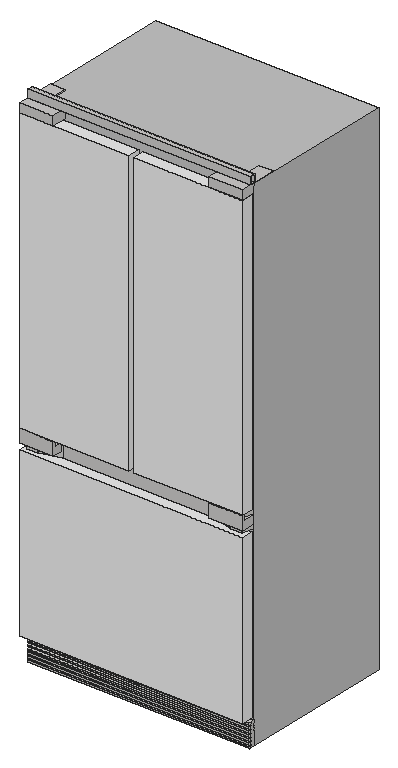
Revit family "FP_Revit_18_RS32A72J1_Fridge_90001163A", category Specialty Equipment, Revit 2018
Family settings
  Round Connector Dimension = Use Diameter
  Part Type = Normal
  OmniClass Number = 23.40.40.11.11.17
  OmniClass Title = Refrigerator-Freezer
  Work Plane-Based = No
  Always vertical = Yes
  Cut with Voids When Loaded = Yes
  Shared = No
  Room Calculation Point = No
Parameters
  Visibility - Visibility Control Note = yes
  Visibility - Clearance Required = yes
  URL = "www.fisherpaykel.com"
  Stainless Steel Door Panels (RD3272A) = no
  Product - Width = 805 mm  # constant formula
  Product - Height = 1825 mm  # constant formula
  Product - Depth = 604 mm  # constant formula
  Model = "RS32A72J1"
  Material - Trim = Fisher & Paykel - Stainless Steel
  Material - Rollers and Feet = Fisher & Paykel - Black
  Material - Door Structure = Fisher & Paykel - White
  Material - Door Front = Fisher & Paykel - Stainless Steel
  Material - Connections = Fisher & Paykel - Black
  Material - Body = Fisher & Paykel - Grey
  Manufacturer = "Fisher & Paykel Appliances"
  Handle Style - Professional Square (AHV2RS3272A) = no
  Handle Style - Professional Round (AHCRS3272A) = no
  Handle Style - Contemporary Square (AHD3RS3272A) = no
  Handle Style - Contemporary Round (AHSRS3272A) = no
  Description = "32\" Integrated French Door Refrigerator Freezer"
  Connector Description - Electrical = "120 V, 10 A, fused electrical supply"
  Chassis - Width = 790 mm  # constant formula
  Chassis - Height = 1788 mm  # constant formula
  Chassis - Depth = 561.4 mm  # constant formula
  Cavity - Width = 813 mm  # constant formula
  Cavity - Height = 1829 mm  # constant formula
  Cavity - Depth = 635 mm  # constant formula
Reference planes
  plane 1 "Center (Front/Back)": y = 0
  plane 2: z = 0
  plane 3 "Center (Left/Right)": x = 0
  plane 4 "Product LHS": x = -402.5
  plane 5 "Product RHS": x = 402.5
  plane 6 "Cavity - Depth": y = 635
  plane 7 "Cavity LHS": x = -406.5
  plane 8 "Cavity RHS": x = 406.5
  plane 9 "Product - Depth": y = 622
  plane 10 "Product Height": z = 1825
  plane 11 "Cavity Height": z = 1829
  plane 12 "Datum": y = 18
Forms (mm)
  Extrusion 1, solid, material "Fisher & Paykel - Grey" <- "Material - Body"
    sketch origin (0, 0, 0) x (0, 1, 0) y (0, 0, 1)
      loop
        line (68.89, 6.6) -> (622, 6.6) -> (622, 1794.6) -> (68.89, 1794.6) -> (68.89, 6.6)
    from -395 to 395
  Extrusion 2, solid, material "Fisher & Paykel - Clearance Required", visible <- "Visibility - Clearance Required", detail levels coarse
    sketch origin (0, 0, 0) x (1, 0, 0) y (0, 1, 0)
      loop
        line (-391.179, 0) -> (-526.6, -290.41) -> (-562.852, -273.506) -> (-569.457, -287.67) -> (-533.205, -304.575) -> (-555.656, -352.723)
        arc (-555.656, -352.723) -> (-182.069, -328.236) -> (-1.993, 0) r 389.186
        line (-1.993, 0) -> (-391.179, 0)
      loop
        line (391.179, 0) -> (1.993, 0)
        arc (1.993, 0) -> (182.069, -328.236) -> (555.656, -352.723) r 389.186
        line (555.656, -352.723) -> (533.205, -304.575) -> (569.457, -287.67) -> (562.852, -273.506) -> (526.6, -290.41) -> (391.179, 0)
    from 700.43 to 1825
  Extrusion 3, solid, material "Fisher & Paykel - Black" <- "Material - Rollers and Feet"
    sketch origin (0, 0, -4) x (0, 1, 0) y (0, 0, 1)
      loop
        arc (120.09, 10.6) -> (136.133, 4) -> (152.177, 10.6) r 22.8
        line (152.177, 10.6) -> (120.09, 10.6)
      loop
        arc (555.39, 10.6) -> (571.433, 4) -> (587.477, 10.6) r 22.8
        line (587.477, 10.6) -> (555.39, 10.6)
    from 352 to 379
  Extrusion 4, solid, material "Fisher & Paykel - Clearance Required", visible <- "Visibility - Clearance Required", detail levels coarse
    sketch origin (0, 0, 0) x (0, 1, 0) y (0, 0, 1)
      loop
        line (-0.043, 695.956) -> (-359.921, 695.956) -> (-359.921, 631.801) -> (-401.921, 631.801) -> (-401.921, 615.801) -> (-359.921, 615.801) -> (-359.921, 100.03) -> (-0.043, 100.03) -> (-0.043, 695.956)
    from -406.5 to 406.5
  Extrusion 5, solid, material "Fisher & Paykel - White" <- "Material - Door Structure"
    sketch origin (0, 0, 0) x (1, 0, 0) y (0, 0, 1)
      loop
        line (-7.74, 1764.6) -> (-395, 1764.6) -> (-395, 763.6) -> (-7.74, 763.6) -> (-7.74, 1764.6)
      loop
        line (7.74, 1764.6) -> (7.74, 763.6) -> (395, 763.6) -> (395, 1764.6) -> (7.74, 1764.6)
      loop
        line (-395, 693.1) -> (-395, 101.1) -> (395, 101.1) -> (395, 693.1) -> (-395, 693.1)
    from -60.6 to -18
  Extrusion 6, solid, material "Fisher & Paykel - White" <- "Material - Door Structure"
    sketch origin (0, 0, 0) x (1, 0, 0) y (0, 0, 1)
      loop
        line (-384.1, 685.2) -> (-384.1, 109) -> (384.1, 109) -> (384.1, 685.2) -> (-384.1, 685.2)
      loop
        line (-13.88, 776) -> (-13.88, 1749.7) -> (-384.08, 1749.7) -> (-384.08, 776) -> (-13.88, 776)
      loop
        line (13.88, 776) -> (384.08, 776) -> (384.08, 1749.7) -> (13.88, 1749.7) -> (13.88, 776)
    from -68.89 to -60.552
  Extrusion 7, solid, material "Fisher & Paykel - Stainless Steel" <- "Material - Trim"
    sketch origin (0, -2, 0) x (1, 0, 0) y (0, 1, 0)
      loop
        line (-391, 70.89) -> (-384.282, 36.328)
        arc (-384.282, 36.328) -> (-383.245, 34.585) -> (-381.337, 33.9) r 3
        line (-381.337, 33.9) -> (-343.233, 33.9)
        arc (-343.233, 33.9) -> (-341.238, 34.034) -> (-339.279, 34.431) r 15
        line (-339.279, 34.431) -> (-269.532, 53.491) -> (269.532, 53.491) -> (339.279, 34.431)
        arc (339.279, 34.431) -> (341.238, 34.034) -> (343.233, 33.9) r 15
        line (343.233, 33.9) -> (381.337, 33.9)
        arc (381.337, 33.9) -> (383.245, 34.585) -> (384.282, 36.328) r 3
        line (384.282, 36.328) -> (391, 70.89) -> (-391, 70.89)
    from 696.967 to 759.03
  Extrusion 8, solid, material "Fisher & Paykel - Stainless Steel" <- "Material - Trim"
    sketch origin (0, -2, 0) x (0, 1, 0) y (0, 0, 1)
      loop
        line (20, 762.6) -> (20, 715.3) -> (70.89, 715.3) -> (70.89, 743.6) -> (25, 743.6) -> (25, 762.6) -> (20, 762.6)
    from 276.67 to 395
  Extrusion 9, solid, material "Fisher & Paykel - Stainless Steel" <- "Material - Trim"
    sketch origin (0, -2, 0) x (0, 1, 0) y (0, 0, -1)
      loop
        line (20, -762.6) -> (25, -762.6) -> (25, -743.6) -> (70.89, -743.6) -> (70.89, -715.3) -> (20, -715.3) -> (20, -762.6)
    from 276.67 to 395
  Extrusion 10, solid, material "Fisher & Paykel - Stainless Steel" <- "Material - Trim"
    sketch origin (0, 0, 0) x (1, 0, 0) y (0, 1, 0)
      loop
        line (-276.67, 18) -> (-276.67, 68.89) -> (-395, 68.89) -> (-395, 18) -> (-276.67, 18)
      loop
        line (395, 18) -> (395, 68.89) -> (276.67, 68.89) -> (276.67, 18) -> (395, 18)
    from 1765.6 to 1797.6
  Extrusion 11, solid, material "Fisher & Paykel - Stainless Steel" <- "Material - Trim", detail levels fine
    sketch origin (0, 0, 0) x (1, 0, 0) y (0, 1, 0)
      loop
        line (-395, 154.61) -> (-395, 73.11) -> (-260.95, 73.11) -> (-260.95, 88.11) -> (-343.5, 88.11) -> (-343.5, 154.61) -> (-395, 154.61)
      loop
        line (395, 154.61) -> (344.35, 154.61) -> (344.35, 88.11) -> (260.95, 88.11) -> (260.95, 73.11) -> (395, 73.11) -> (395, 154.61)
    from 1794.6 to 1797.6
  Extrusion 12, solid, material "Fisher & Paykel - Stainless Steel" <- "Material - Trim"
    sketch origin (0, -2, 0) x (0, 1, 0) y (0, 0, 1)
      loop
        line (55.1, 1825) -> (55.1, 1797.6) -> (75.11, 1797.6) -> (75.11, 1825) -> (55.1, 1825)
      loop
        line (56.1, 1824) -> (56.1, 1798.675) -> (74.1, 1798.675) -> (74.1, 1824) -> (56.1, 1824)
    from -395 to 395
  Extrusion 13, solid, material "Fisher & Paykel - Black" <- "Material - Rollers and Feet", detail levels fine
    sketch origin (0, 0, -4) x (0, 1, 0) y (0, 0, -1)
      loop
        line (120.09, -10.6) -> (152.177, -10.6)
        arc (152.177, -10.6) -> (136.133, -4) -> (120.09, -10.6) r 22.8
      loop
        line (555.39, -10.6) -> (587.477, -10.6)
        arc (587.477, -10.6) -> (571.433, -4) -> (555.39, -10.6) r 22.8
    from 352 to 379
  Extrusion 14, solid, material "Fisher & Paykel - Stainless Steel" <- "Material - Trim", detail levels fine
    sketch origin (0, -2, 0) x (0, 1, 0) y (0, 0, 1)
      loop
        line (24.91, 101.1) -> (24.91, 94.1) -> (50.15, 94.1) -> (50.15, 101.1) -> (24.91, 101.1)
    from -20.67 to 20.7
  Extrusion 15, solid, material "Fisher & Paykel - Stainless Steel" <- "Material - Trim", detail levels fine
    sketch origin (0, -2, 0) x (0, 1, 0) y (0, 0, 1)
      loop
        line (70.89, 90.613) -> (53.491, 85.951) -> (53.491, 81.639) -> (61.43, 81.639) -> (61.43, 75.465) -> (53.491, 73.338) -> (53.491, 69.031) -> (61.43, 69.031) -> (61.43, 62.857) -> (53.491, 60.73) -> (53.491, 56.423) -> (61.43, 56.423) -> (61.43, 50.254) -> (53.491, 48.127) -> (53.491, 43.821) -> (61.43, 43.821) -> (61.43, 37.652) -> (53.491, 35.525) -> (53.491, 31.218) -> (61.43, 31.218) -> (61.43, 25.049) -> (53.491, 22.922) -> (53.491, 18.585) -> (61.43, 18.585) -> (61.43, 12.447) -> (53.491, 10.32) -> (53.491, 6.6) -> (70.89, 6.6) -> (70.89, 90.613)
    from -395 to 395
  Extrusion 16, solid, material "Fisher & Paykel - Stainless Steel" <- "Material - Trim", detail levels coarse+medium
    sketch origin (0, -2, 0) x (0, 1, 0) y (0, 0, 1)
      loop
        line (70.89, 90.613) -> (53.491, 85.951) -> (53.491, 6.6) -> (70.89, 6.6) -> (70.89, 90.613)
    from -395 to 395
  Extrusion 17, void
    sketch origin (0, -2000, 0) x (1, 0, 0) y (0, 1, 0)
      loop
        line (-336, 2622) -> (-336, 2068.89) -> (336, 2068.89) -> (336, 2622) -> (-336, 2622)
    from 6.6 to 56.423
  Extrusion 18, solid, material "Fisher & Paykel - Stainless Steel" <- "Material - Door Front", visible <- "Stainless Steel Door Panels (RD3272A)"
    sketch origin (0, 0, 0) x (1, 0, 0) y (0, 0, 1)
      loop
        line (-402.5, 696.43) -> (-402.5, 100.03) -> (402.5, 100.03) -> (402.5, 696.43) -> (-402.5, 696.43)
      loop
        line (-402.5, 700.43) -> (-2, 700.43) -> (-2, 1822.4) -> (-402.5, 1822.4) -> (-402.5, 700.43)
      loop
        line (2, 1822.4) -> (2, 700.43) -> (402.5, 700.43) -> (402.5, 1822.4) -> (2, 1822.4)
    from -18 to 0.043
  Extrusion 19, void
    sketch origin (0, -2, 0) x (1, 0, 0) y (0, 1, 0)
      loop
        arc (395, 57.948) -> (393.695, 54.796) -> (390.543, 53.491) r 4.457
        line (390.543, 53.491) -> (395, 53.491) -> (395, 57.948)
      loop
        line (-402.5, 59.557) -> (-402.5, 55.1) -> (-398.043, 55.1)
        arc (-398.043, 55.1) -> (-401.195, 56.405) -> (-402.5, 59.557) r 4.457
    from 6.6 to 100.03
  Extrusion 20, solid, material "Fisher & Paykel - Clearance Required", visible <- "Visibility - Clearance Required", detail levels coarse
    sketch origin (0, 0, 0) x (1, 0, 0) y (0, 1, 0)
      loop
        line (-406.5, 635) -> (-406.5, 0) -> (406.5, 0) -> (406.5, 635) -> (-406.5, 635)
    from 0 to 1829
  Extrusion 21, void
    sketch origin (0, 0, 0) x (1, 0, 0) y (0, 0, 1)
      loop
        line (257.5, 69.031) -> (257.5, 200) -> (-17.5, 200) -> (-17.5, 69.031) -> (257.5, 69.031)
      loop
        circle (207.5, 135) r 3
      loop
        circle (32.5, 135) r 3
    from -622 to -619.953
  Extrusion 22, void
    sketch origin (0, 0, 0) x (1, 0, 0) y (0, 1, 0)
      loop
        line (-406.5, 635) -> (-406.5, 0) -> (406.5, 0) -> (406.5, 635) -> (-406.5, 635)
    from 0 to 1829
Cuts and joins
  Extrusion 17, Extrusion 21 cuts Extrusion 1
  Extrusion 19 cuts Extrusion 15
  Extrusion 19 cuts Extrusion 16
  joined: Extrusion 7, Extrusion 8, Extrusion 9
Text (mm)
  text "Due to ongoing product development, product details are subject to change without notice. \nPlease always refer to www.fisherpaykel.com for the most current product information. \n© Fisher & Paykel 2020" at (41.04, -527.568, 0), in view "Ref. Level (Plan)"
Dimensions and locks
  equal spacing: plane 4 "Product LHS", plane 3 "Center (Left/Right)", plane 5 "Product RHS"
  "Product - Width": plane 4 "Product LHS" to plane 5 "Product RHS"
  "Cavity - Depth": plane 1 "Center (Front/Back)" to plane 6 "Cavity - Depth"
  equal spacing: plane 7 "Cavity LHS", plane 3 "Center (Left/Right)", plane 8 "Cavity RHS"
  "Cavity - Width": plane 7 "Cavity LHS" to plane 8 "Cavity RHS"
  "Product - Height": level to plane 10 "Product Height"
  "Cavity - Height": plane 11 "Cavity Height" to level
  "Chassis - Height": Extrusion 1 to Extrusion 1
  Extrusion 14 to Extrusion 16 = 94.5 mm
  locked: Extrusion 21 to cut or joined group of Extrusion 1, Extrusion 17, Extrusion 21 at 2.047
  locked: plane 1 "Center (Front/Back)" to plane 12 "Datum" at 18
  nested 5 to plane 1 "Center (Front/Back)" = 0 mm
  "Product - Depth": plane 9 "Product - Depth" to plane 12 "Datum"
  equal spacing: cut or joined group of Extrusion 1, Extrusion 17, Extrusion 21, plane 3 "Center (Left/Right)", cut or joined group of Extrusion 1, Extrusion 17, Extrusion 21  (x2)
  "Chassis - Width": cut or joined group of Extrusion 1, Extrusion 17, Extrusion 21 to cut or joined group of Extrusion 1, Extrusion 17, Extrusion 21
  aligned and locked: level to plane 2
  aligned and locked: Extrusion 19 to Extrusion 3
  aligned and locked: cut or joined group of Extrusion 1, Extrusion 17, Extrusion 21 to Extrusion 21
  aligned and locked: Extrusion 20 to level
  aligned and locked: plane 9 "Product - Depth" to Extrusion 1
Automatic sketch dimensions
  plane 10 "Product Height" to Extrusion 12 sketch curve = 0 mm
  Extrusion 12 sketch curve to plane 12 "Datum" = 35.1 mm
  Extrusion 12 sketch curve to Extrusion 12 sketch curve = 1 mm
  plane 10 "Product Height" to Extrusion 12 sketch curve = 1 mm
  Extrusion 12 sketch curve to Extrusion 12 sketch curve = 18 mm
  Extrusion 12 sketch curve to Extrusion 12 sketch curve = 1.01 mm
  Extrusion 12 sketch curve to Extrusion 12 sketch curve = 25.325 mm
  Extrusion 12 sketch curve to Extrusion 12 sketch curve = 1.075 mm
  plane 1 "Center (Front/Back)" to Extrusion 20 sketch curve = 0 mm
  Extrusion 20 sketch curve to plane 7 "Cavity LHS" = 0 mm
  Extrusion 20 sketch curve to plane 8 "Cavity RHS" = 0 mm
  plane 6 "Cavity - Depth" to Extrusion 20 sketch curve = 0 mm
  plane 1 "Center (Front/Back)" to Extrusion 22 sketch curve = 0 mm
  Extrusion 22 sketch curve to plane 7 "Cavity LHS" = 0 mm
  Extrusion 22 sketch curve to plane 8 "Cavity RHS" = 0 mm
  plane 6 "Cavity - Depth" to Extrusion 22 sketch curve = 0 mm
  Extrusion 1 sketch curve to plane 9 "Product - Depth" = 0 mm
  level to Extrusion 1 sketch curve = 6.6 mm
  Extrusion 1 sketch curve to plane 12 "Datum" = 50.89 mm
  plane 10 "Product Height" to Extrusion 1 sketch curve = 30.4 mm
  plane 1 "Center (Front/Back)" to Extrusion 2 sketch curve = 0 mm  (x2)
  plane 7 "Cavity LHS" to Extrusion 2 sketch curve = 162.957 mm
  Extrusion 2 sketch curve to Extrusion 2 sketch curve = 6.605 mm  (x3)
  Extrusion 2 sketch curve to Extrusion 2 sketch curve = 13.801 mm
  Extrusion 2 sketch curve to Extrusion 2 sketch curve = 36.252 mm  (x2)
  Extrusion 2 sketch curve to plane 4 "Product LHS" = 11.321 mm
  Extrusion 2 sketch curve to Extrusion 2 sketch curve = 0 mm  (x2)
  Extrusion 2 sketch curve to plane 3 "Center (Left/Right)" = 1.993 mm
  plane 3 "Center (Left/Right)" to Extrusion 2 sketch curve = 1.993 mm
  plane 5 "Product RHS" to Extrusion 2 sketch curve = 11.321 mm
  Extrusion 2 sketch curve to plane 8 "Cavity RHS" = 120.1 mm
  plane 1 "Center (Front/Back)" to Extrusion 2 sketch curve = 352.723 mm
  plane 1 "Center (Front/Back)" to Extrusion 2 sketch curve = 287.67 mm
  level to Extrusion 3 sketch curve = 6.6 mm  (x2)
  Extrusion 3 sketch curve to plane 12 "Datum" = 102.09 mm
  Extrusion 3 sketch curve to Extrusion 3 sketch curve = 16.044 mm  (x2)
  Extrusion 3 sketch curve to plane 9 "Product - Depth" = 66.61 mm
  level to Extrusion 3 sketch curve = 22.8 mm  (x2)
  plane 1 "Center (Front/Back)" to Extrusion 4 sketch curve = 401.921 mm
  Extrusion 4 sketch curve to Extrusion 4 sketch curve = 42 mm
  level to Extrusion 4 sketch curve = 100.03 mm
  plane 1 "Center (Front/Back)" to Extrusion 4 sketch curve = 359.921 mm
  plane 1 "Center (Front/Back)" to Extrusion 4 sketch curve = 0.043 mm
  Extrusion 4 sketch curve to Extrusion 4 sketch curve = 515.771 mm
  Extrusion 4 sketch curve to Extrusion 4 sketch curve = 16 mm
  Extrusion 4 sketch curve to Extrusion 4 sketch curve = 64.155 mm
  Extrusion 5 sketch curve to plane 4 "Product LHS" = 7.5 mm  (x2)
  Extrusion 5 sketch curve to plane 3 "Center (Left/Right)" = 7.74 mm
  plane 3 "Center (Left/Right)" to Extrusion 5 sketch curve = 7.74 mm
  plane 5 "Product RHS" to Extrusion 5 sketch curve = 7.5 mm  (x2)
  level to Extrusion 5 sketch curve = 101.1 mm
  Extrusion 5 sketch curve to Extrusion 5 sketch curve = 592 mm
  Extrusion 5 sketch curve to Extrusion 5 sketch curve = 70.5 mm
  Extrusion 5 sketch curve to Extrusion 5 sketch curve = 0 mm
  plane 10 "Product Height" to Extrusion 5 sketch curve = 60.4 mm  (x2)
  Extrusion 6 sketch curve to plane 4 "Product LHS" = 18.4 mm
  Extrusion 6 sketch curve to plane 4 "Product LHS" = 18.42 mm
  Extrusion 6 sketch curve to plane 3 "Center (Left/Right)" = 13.88 mm
  plane 3 "Center (Left/Right)" to Extrusion 6 sketch curve = 13.88 mm
  plane 5 "Product RHS" to Extrusion 6 sketch curve = 18.42 mm
  plane 5 "Product RHS" to Extrusion 6 sketch curve = 18.4 mm
  level to Extrusion 6 sketch curve = 109 mm
  Extrusion 6 sketch curve to Extrusion 6 sketch curve = 576.2 mm
  Extrusion 6 sketch curve to Extrusion 6 sketch curve = 90.8 mm
  Extrusion 6 sketch curve to Extrusion 6 sketch curve = 0 mm  (x2)
  plane 10 "Product Height" to Extrusion 6 sketch curve = 75.3 mm
  Extrusion 7 sketch curve to plane 4 "Product LHS" = 11.5 mm
  Extrusion 7 sketch curve to plane 4 "Product LHS" = 18.218 mm
  Extrusion 7 sketch curve to Extrusion 7 sketch curve = 2.945 mm  (x2)
  Extrusion 7 sketch curve to plane 12 "Datum" = 13.9 mm
  Extrusion 7 sketch curve to Extrusion 7 sketch curve = 38.104 mm
  Extrusion 7 sketch curve to plane 12 "Datum" = 14.431 mm  (x2)
  Extrusion 7 sketch curve to Extrusion 7 sketch curve = 3.954 mm  (x2)
  Extrusion 7 sketch curve to plane 12 "Datum" = 33.491 mm
  Extrusion 7 sketch curve to Extrusion 7 sketch curve = 69.747 mm
  plane 5 "Product RHS" to Extrusion 7 sketch curve = 132.968 mm
  plane 5 "Product RHS" to Extrusion 7 sketch curve = 63.221 mm
  plane 5 "Product RHS" to Extrusion 7 sketch curve = 21.163 mm
  plane 5 "Product RHS" to Extrusion 7 sketch curve = 11.5 mm
  Extrusion 7 sketch curve to plane 1 "Center (Front/Back)" = 31.9 mm
  Extrusion 7 sketch curve to Extrusion 7 sketch curve = 2.428 mm  (x2)
  Extrusion 7 sketch curve to Extrusion 7 sketch curve = 34.562 mm
  Extrusion 8 sketch curve to plane 12 "Datum" = 0 mm
  Extrusion 8 sketch curve to Extrusion 8 sketch curve = 5 mm
  Extrusion 8 sketch curve to Extrusion 8 sketch curve = 50.89 mm
  level to Extrusion 8 sketch curve = 715.3 mm
  Extrusion 8 sketch curve to Extrusion 8 sketch curve = 28.3 mm
  Extrusion 8 sketch curve to Extrusion 8 sketch curve = 19 mm
  Extrusion 9 sketch curve to plane 12 "Datum" = 0 mm
  Extrusion 9 sketch curve to Extrusion 9 sketch curve = 5 mm
  Extrusion 9 sketch curve to Extrusion 9 sketch curve = 50.89 mm
  level to Extrusion 9 sketch curve = 762.6 mm
  Extrusion 9 sketch curve to Extrusion 9 sketch curve = 19 mm
  Extrusion 9 sketch curve to Extrusion 9 sketch curve = 28.3 mm
  Extrusion 10 sketch curve to plane 4 "Product LHS" = 7.5 mm
  plane 12 "Datum" to Extrusion 10 sketch curve = 0 mm  (x2)
  Extrusion 10 sketch curve to plane 12 "Datum" = 50.89 mm  (x2)
  Extrusion 10 sketch curve to plane 4 "Product LHS" = 125.83 mm
  plane 5 "Product RHS" to Extrusion 10 sketch curve = 125.83 mm
  plane 5 "Product RHS" to Extrusion 10 sketch curve = 7.5 mm
  level to Extrusion 13 sketch curve = 6.6 mm  (x2)
  Extrusion 13 sketch curve to plane 12 "Datum" = 102.09 mm
  Extrusion 13 sketch curve to Extrusion 13 sketch curve = 16.044 mm  (x2)
  Extrusion 13 sketch curve to plane 9 "Product - Depth" = 66.61 mm
  level to Extrusion 13 sketch curve = 22.8 mm  (x2)
  Extrusion 14 sketch curve to plane 12 "Datum" = 4.91 mm
  Extrusion 14 sketch curve to Extrusion 14 sketch curve = 25.24 mm
  level to Extrusion 14 sketch curve = 94.1 mm
  Extrusion 14 sketch curve to Extrusion 14 sketch curve = 7 mm
  Extrusion 15 sketch curve to plane 12 "Datum" = 33.491 mm  (x3)
  level to Extrusion 15 sketch curve = 6.6 mm
  Extrusion 15 sketch curve to Extrusion 15 sketch curve = 0 mm  (x8)
  Extrusion 15 sketch curve to Extrusion 15 sketch curve = 7.939 mm  (x2)
  Extrusion 15 sketch curve to Extrusion 15 sketch curve = 9.46 mm
  Extrusion 15 sketch curve to Extrusion 15 sketch curve = 3.72 mm
  Extrusion 15 sketch curve to Extrusion 15 sketch curve = 2.127 mm
  Extrusion 15 sketch curve to Extrusion 15 sketch curve = 8.266 mm
  Extrusion 15 sketch curve to Extrusion 15 sketch curve = 4.337 mm
  Extrusion 15 sketch curve to Extrusion 15 sketch curve = 6.464 mm
  Extrusion 15 sketch curve to Extrusion 15 sketch curve = 6.169 mm  (x3)
  Extrusion 15 sketch curve to Extrusion 15 sketch curve = 4.306 mm  (x4)
  Extrusion 15 sketch curve to Extrusion 15 sketch curve = 6.433 mm  (x4)
  Extrusion 15 sketch curve to Extrusion 15 sketch curve = 6.175 mm  (x2)
  Extrusion 15 sketch curve to Extrusion 15 sketch curve = 4.312 mm
  Extrusion 15 sketch curve to Extrusion 15 sketch curve = 8.974 mm
  Extrusion 16 sketch curve to plane 12 "Datum" = 33.491 mm
  level to Extrusion 16 sketch curve = 6.6 mm
  Extrusion 16 sketch curve to Extrusion 16 sketch curve = 17.399 mm
  Extrusion 16 sketch curve to Extrusion 16 sketch curve = 79.351 mm
  Extrusion 16 sketch curve to Extrusion 16 sketch curve = 4.662 mm
  Extrusion 17 sketch curve to plane 9 "Product - Depth" = 0 mm
  Extrusion 17 sketch curve to plane 4 "Product LHS" = 66.5 mm
  plane 5 "Product RHS" to Extrusion 17 sketch curve = 66.5 mm
  Extrusion 17 sketch curve to plane 12 "Datum" = 50.89 mm
  plane 4 "Product LHS" to Extrusion 18 sketch curve = 0 mm  (x2)
  plane 5 "Product RHS" to Extrusion 18 sketch curve = 0 mm  (x2)
  Extrusion 18 sketch curve to plane 3 "Center (Left/Right)" = 2 mm
  plane 3 "Center (Left/Right)" to Extrusion 18 sketch curve = 2 mm
  level to Extrusion 18 sketch curve = 100.03 mm
  Extrusion 18 sketch curve to Extrusion 18 sketch curve = 596.4 mm
  Extrusion 18 sketch curve to Extrusion 18 sketch curve = 4 mm
  Extrusion 18 sketch curve to Extrusion 18 sketch curve = 0 mm
  plane 10 "Product Height" to Extrusion 18 sketch curve = 2.6 mm  (x2)
  Extrusion 19 sketch curve to plane 4 "Product LHS" = 0 mm
  plane 5 "Product RHS" to Extrusion 19 sketch curve = 7.5 mm
  Extrusion 19 sketch curve to plane 4 "Product LHS" = 4.457 mm
  plane 5 "Product RHS" to Extrusion 19 sketch curve = 11.957 mm
  Extrusion 19 sketch curve to plane 12 "Datum" = 33.491 mm
  Extrusion 19 sketch curve to plane 12 "Datum" = 35.1 mm
  Extrusion 11 sketch curve to plane 4 "Product LHS" = 7.5 mm
  Extrusion 11 sketch curve to Extrusion 11 sketch curve = 51.5 mm
  Extrusion 11 sketch curve to Extrusion 11 sketch curve = 82.55 mm
  Extrusion 11 sketch curve to plane 12 "Datum" = 55.11 mm  (x2)
  plane 5 "Product RHS" to Extrusion 11 sketch curve = 141.55 mm
  plane 5 "Product RHS" to Extrusion 11 sketch curve = 58.15 mm
  plane 5 "Product RHS" to Extrusion 11 sketch curve = 7.5 mm
  Extrusion 11 sketch curve to Extrusion 11 sketch curve = 15 mm  (x2)
  Extrusion 11 sketch curve to Extrusion 11 sketch curve = 66.5 mm  (x2)
  level to Extrusion 21 sketch curve = 69.031 mm
  Extrusion 21 sketch curve to plane 3 "Center (Left/Right)" = 17.5 mm
  Extrusion 21 sketch curve to Extrusion 21 sketch curve = 50 mm
  plane 5 "Product RHS" to Extrusion 21 sketch curve = 195 mm
  plane 8 "Cavity RHS" to Extrusion 21 sketch curve = 149 mm
  level to Extrusion 21 sketch curve = 135 mm  (x2)
  Extrusion 21 sketch curve to Extrusion 21 sketch curve = 65 mm
  radius of Extrusion 21 sketch curve = 3 mm  (x2)
Nested families
  nested 1: "F&P Handle Kit - Contemporary Round - Horizontal" at (0, 0, 623.802), visible <- "Handle Style - Contemporary Round (AHSRS3272A)", type "AHSRS3272A - Contemporary round handle (2 of 2) (Horizontal) 646mm"
  nested 2: "F&P Handle Kit - Contemporary Round - Vertical" at (67.3, 0, 1128.5), visible <- "Handle Style - Contemporary Round (AHSRS3272A)", type "AHSRS3272A - Contemporary round handle (1 of 2) (Vertical) 727mm"
  nested 3: "F&P Handle Kit - Contemporary Square - Horizontal" at (0, 0, 623.802), visible <- "Handle Style - Contemporary Square (AHD3RS3272A)", type "AHD3RS3272A - Contemporary square handle (2 of 2) (Horizontal) 646mm"
  nested 4: "F&P Handle Kit - Contemporary Square - Vertical" at (67.3, 0, 1128.5), visible <- "Handle Style - Contemporary Square (AHD3RS3272A)", type "AHD3RS3272A - Contemporary square handle (1 of 2) (Vertical) 727mm"
  nested 5: "F&P Handle Kit - Professional Round - Horizontal" at (0, 0, 623.802), visible <- "Handle Style - Professional Round (AHCRS3272A)", type "AHCRS3272A - Professional round handle (2 of 2) (Horizontal) 580mm"
  nested 6: "F&P Handle Kit - Professional Round - Vertical" at (67.3, 0, 1128.5), visible <- "Handle Style - Professional Round (AHCRS3272A)", type "AHCRS3272A - Professional round handle (1 of 2) (Vertical) 661mm"
  nested 7: "F&P Handle Kit - Professional Square - Horizontal" at (0, 0, 623.802), visible <- "Handle Style - Professional Square (AHV2RS3272A)", type "AHV2RS3272A - Professional square handle (2 of 2) (Horizontal) 586mm"
  nested 8: "F&P Handle Kit - Professional Square - Vertical" at (67.3, 0, 1128.5), visible <- "Handle Style - Professional Square (AHV2RS3272A)", type "AHV2RS3272A - Professional square handle (1 of 2) (Vertical) 727mm"
  nested 9: "F&P Handle Kit - Contemporary Round - Vertical" at (-67.3, 0, 1128.5), visible <- "Handle Style - Contemporary Round (AHSRS3272A)", type "AHSRS3272A - Contemporary round handle (1 of 2) (Vertical) 727mm"
  nested 10: "F&P Handle Kit - Contemporary Square - Vertical" at (-67.3, 0, 1128.5), visible <- "Handle Style - Contemporary Square (AHD3RS3272A)", type "AHD3RS3272A - Contemporary square handle (1 of 2) (Vertical) 727mm"
  nested 11: "F&P Handle Kit - Professional Round - Vertical" at (-67.3, 0, 1128.5), visible <- "Handle Style - Professional Round (AHCRS3272A)", type "AHCRS3272A - Professional round handle (1 of 2) (Vertical) 661mm"
  nested 12: "F&P Handle Kit - Professional Square - Vertical" at (-67.3, 0, 1128.5), visible <- "Handle Style - Professional Square (AHV2RS3272A)", type "AHV2RS3272A - Professional square handle (1 of 2) (Vertical) 727mm"
  nested 13: "Comment Marker 2D" at (-4.296, -245.714, 0), visible <- "Visibility - Visibility Control Note", type "Active"
Connectors
  electrical at (32.5, 622, 135), driven by "Connector Description - Electrical"
    settings: on cut or joined group of Extrusion 1, Extrusion 17, Extrusion 21, index 1, voltage 120 V, apparent load 0 VA, apparent load phase1 0 VA, apparent load phase2 0 VA, apparent load phase3 0 VA, power factor 1, load classification "Other", number of poles 1, system type 30, power factor state 1, is connector primary yes, connector utility no, sub classification motor no, connector description "120 V, 10 A, fused electrical supply"
Definition of nested family "F&P Handle Kit - Contemporary Round - Horizontal"
  Parameters (values of type "25374 AHS-ASBI-A - Contemporary round handle (2 of 2) (Horizontal) 746mm")
    URL = "www.fisherpaykel.com"
    Product - Width = 746 mm
    Model = ""
    Material - Handle = none
    Manufacturer = "Fisher & Paykel Appliances"
    Description = "Kit for RS36"
  Types (9, lengths in mm): name | Product - Width | Description
    (no name) | 746 | "Kit for RS36"
    AHSRD2484W - Contemporary round handle (2 of 2) (Horizontal) 494mm | 494 | ""
    AHSRD3084W - Contemporary round handle (2 of 2) (Horizontal) 646mm | 646 | ""
    AHSRS3272A - Contemporary round handle (2 of 2) (Horizontal) 646mm | 646 | ""
    AHSRS80A - Contemporary round handle (2 of 2) (Horizontal) 646mm | 646 | ""
    AHSRD6121W - Contemporary round handle (2 of 2) (Horizontal) 494mm | 494 | ""
    AHSRD7621W - Contemporary round handle (2 of 2) (Horizontal) 646mm | 646 | ""
    25374 AHS-ASBI-A - Contemporary round handle (2 of 2) (Horizontal) 746mm | 746 | "Kit for RS36"
    25329 AHS-ASBI-A - Contemporary round handle (2 of 2) (Horizontal) 746mm | 746 | "Kit for RS90"
  Reference planes
    plane 1 "Center (Front/Back)": y = 0
    plane 2: z = 0
    plane 3 "Center (Left/Right)": x = 0
    plane 4 "Product LHS": x = -373
    plane 5 "Product RHS": x = 373
    plane 6 "LHS Standoff": x = -252.995
    plane 7 "RHS Standoff": x = 253.005
  Forms (mm)
    Extrusion 1, solid, material <- "Material - Handle"
      sketch origin (0, 0, 0) x (0, 1, 0) y (0, 0, 1)
        loop
          circle (-32.3, 0) r 8.7
      from -252.995 to 253.005
    Extrusion 2, solid, material <- "Material - Handle", detail levels fine
      sketch origin (0, 0, 0) x (0, 1, 0) y (0, 0, 1)
        loop
          line (0, 8.7) -> (-32.3, 8.7)
          arc (-32.3, 8.7) -> (-41, 0) -> (-32.3, -8.7) r 8.7
          line (-32.3, -8.7) -> (0, -8.7) -> (0, 8.7)
      from 253.005 to 373
    Extrusion 3, solid, material <- "Material - Handle", detail levels fine
      sketch origin (0, 0, 0) x (0, 1, 0) y (0, 0, -1)
        loop
          line (0, -8.7) -> (0, 8.7) -> (-32.3, 8.7)
          arc (-32.3, 8.7) -> (-41, 0) -> (-32.3, -8.7) r 8.7
          line (-32.3, -8.7) -> (0, -8.7)
      from 252.995 to 373
    Sweep 4, void
      path in 3D
        loop
          line (373, 0, 8.7) -> (373, -32.3, 8.7)
          arc (373, -32.3, 8.7) -> (373, -41, 0) -> (373, -32.3, -8.7) r 8.7
          line (373, -32.3, -8.7) -> (373, 0, -8.7)
      profile origin (373, -16.15, 8.7) x (1, 0, 0) y (0, 0, 1)
        loop
          line (0, 0) -> (-1, 0) -> (0, -1) -> (0, 0)
    Sweep 5, void
      path in 3D
        loop
          line (-373, 0, -8.7) -> (-373, -32.3, -8.7)
          arc (-373, -32.3, -8.7) -> (-373, -41, 0) -> (-373, -32.3, 8.7) r 8.7
          line (-373, -32.3, 8.7) -> (-373, 0, 8.7)
      profile origin (-373, -16.15, 8.7) x (-1, 0, 0) y (0, 0, 1)
        loop
          line (0, 0) -> (-1, 0) -> (0, -1) -> (0, 0)
    Extrusion 6, solid, material <- "Material - Handle", detail levels coarse+medium
      sketch origin (0, 0, 0) x (0, 1, 0) y (0, 0, 1)
        loop
          line (0, 8.7) -> (-32.3, 8.7)
          arc (-32.3, 8.7) -> (-41, 0) -> (-32.3, -8.7) r 8.7
          line (-32.3, -8.7) -> (0, -8.7) -> (0, 8.7)
      from 253.005 to 373
    Extrusion 7, solid, material <- "Material - Handle", detail levels coarse+medium
      sketch origin (0, 0, 0) x (0, 1, 0) y (0, 0, -1)
        loop
          line (0, -8.7) -> (0, 8.7) -> (-32.3, 8.7)
          arc (-32.3, 8.7) -> (-41, 0) -> (-32.3, -8.7) r 8.7
          line (-32.3, -8.7) -> (0, -8.7)
      from 252.995 to 373
  Cuts and joins
    Sweep 4 cuts Extrusion 2
    Sweep 5 cuts Extrusion 3
  Lines and regions (mm)
    sketch lines
      curve 1: line (373, 0, 8.7) -> (373, -32.3, 8.7)
      curve 2: arc (373, -32.3, -8.7) -> (373, -41, 0) -> (373, -32.3, 8.7) r 8.7
      curve 3: line (373, -32.3, -8.7) -> (373, 0, -8.7)
      curve 4: line (-373, -32.3, 8.7) -> (-373, 0, 8.7)
      curve 5: arc (-373, -32.3, 8.7) -> (-373, -41, 0) -> (-373, -32.3, -8.7) r 8.7
      curve 6: line (-373, 0, -8.7) -> (-373, -32.3, -8.7)
  Dimensions and locks
    equal spacing: plane 4 "Product LHS", plane 3 "Center (Left/Right)", plane 5 "Product RHS"
    "Product - Width": plane 4 "Product LHS" to plane 5 "Product RHS"
    locked: plane 4 "Product LHS" to plane 6 "LHS Standoff" at 120.005
    locked: plane 7 "RHS Standoff" to plane 5 "Product RHS" at 119.995
    equal spacing: Extrusion 2 sketch curve, level, Extrusion 2 sketch curve
    Extrusion 3 sketch curve to Extrusion 3 sketch curve = 17.4 mm
    Extrusion 6 sketch curve to Extrusion 6 sketch curve = 17.4 mm
    Extrusion 7 sketch curve to Extrusion 7 sketch curve = 17.4 mm
    aligned and locked: level to plane 2
    aligned and locked: plane 7 "RHS Standoff" to Extrusion 1
    aligned and locked: Extrusion 2 to Extrusion 1
    aligned and locked: Extrusion 2 to plane 5 "Product RHS"
    aligned and locked: plane 4 "Product LHS" to Extrusion 3
    aligned and locked: plane 6 "LHS Standoff" to Extrusion 3
    aligned and locked: Extrusion 1 to plane 6 "LHS Standoff"
    aligned and locked: Extrusion 6 to Extrusion 1
    aligned and locked: Extrusion 6 to plane 5 "Product RHS"
    aligned and locked: plane 4 "Product LHS" to Extrusion 7
    aligned and locked: Extrusion 7 to Extrusion 1
  Automatic sketch dimensions
    Extrusion 1 sketch curve to level = 0 mm
    plane 1 "Center (Front/Back)" to Extrusion 1 sketch curve = 32.3 mm
    Extrusion 2 sketch curve to plane 1 "Center (Front/Back)" = 0 mm
    Extrusion 2 sketch curve to level = 8.7 mm
    plane 1 "Center (Front/Back)" to Extrusion 2 sketch curve = 32.3 mm
    Extrusion 3 sketch curve to level = 0 mm
    Extrusion 3 sketch curve to plane 1 "Center (Front/Back)" = 0 mm
    Extrusion 3 sketch curve to level = 8.7 mm
    plane 1 "Center (Front/Back)" to Extrusion 3 sketch curve = 32.3 mm
    Sweep 4 sketch curve to profile plane = 0 mm
    profile plane to Sweep 4 sketch curve = 0 mm
    profile plane to Sweep 4 sketch curve = 1 mm
    Sweep 4 sketch curve to profile plane = 1 mm
    Sweep 5 sketch curve to profile plane = 0 mm  (x2)
    profile plane to Sweep 5 sketch curve = 1 mm
    Sweep 5 sketch curve to profile plane = 1 mm
    Extrusion 6 sketch curve to level = 0 mm
    level to Extrusion 6 sketch curve = 8.7 mm
    plane 1 "Center (Front/Back)" to Extrusion 6 sketch curve = 32.3 mm
    Extrusion 6 sketch curve to Extrusion 6 sketch curve = 32.3 mm
    Extrusion 7 sketch curve to level = 0 mm
    level to Extrusion 7 sketch curve = 8.7 mm
    plane 1 "Center (Front/Back)" to Extrusion 7 sketch curve = 32.3 mm
    Extrusion 7 sketch curve to Extrusion 7 sketch curve = 32.3 mm
    radius of Extrusion 1 sketch curve = 8.7 mm
Definition of nested family "F&P Handle Kit - Contemporary Round - Vertical"
  Parameters (values of type "25374 AHS-ASBI-A - Contemporary round handle (1 of 2) (Vertical) 727mm")
    URL = "www.fisherpaykel.com"
    Material - Handle = none
    Manufacturer = "Fisher & Paykel Appliances"
    Handle - Length = 727 mm
    Description = "Kit for RS36"
  Types (10, lengths in mm): name | Handle - Length | Description
    AHS-RD21 - Contemporary round handle (Vertical) 852mm | 852 | ""
    AHSRD2484W - Contemporary round handle (1 of 2) (Vertical) 727mm | 727 | ""
    AHSRD3084W - Contemporary round handle (1 of 2) (Vertical) 727mm | 727 | ""
    AHS-RD84 - Contemporary round handle (Vertical) 852mm | 852 | ""
    AHSRS3272A - Contemporary round handle (1 of 2) (Vertical) 727mm | 727 | ""
    AHSRS80A - Contemporary round handle (1 of 2) (Vertical) 727mm | 727 | ""
    AHSRD6121W - Contemporary round handle (1 of 2) (Vertical) 727mm | 727 | ""
    AHSRD7621W - Contemporary round handle (1 of 2) (Vertical) 727mm | 727 | ""
    25329 AHS-ASBI-A - Contemporary round handle (1 of 2) (Vertical) 727mm | 727 | "Kit for RS90"
    25374 AHS-ASBI-A - Contemporary round handle (1 of 2) (Vertical) 727mm | 727 | "Kit for RS36"
  Reference planes
    plane 1 "Center (Front/Back)": y = 0
    plane 2: z = 0
    plane 3 "Center (Left/Right)": x = 0
    plane 4 "Top": z = 363.5
    plane 5 "Bottom": z = -363.5
    plane 6 "Top Standoff": z = 243.5
    plane 7 "Bottom Standoff": z = -243.5
  Forms (mm)
    Extrusion 1, solid, material <- "Material - Handle"
      sketch origin (0, 0, 0) x (1, 0, 0) y (0, 1, 0)
        loop
          circle (0, -32.3) r 8.7
      from -243.5 to 243.5
    Extrusion 2, solid, material <- "Material - Handle", detail levels fine
      sketch origin (0, 0, 0) x (1, 0, 0) y (0, 1, 0)
        loop
          line (-8.7, 0) -> (-8.7, -32.3)
          arc (-8.7, -32.3) -> (0, -41) -> (8.7, -32.3) r 8.7
          line (8.7, -32.3) -> (8.7, 0) -> (-8.7, 0)
      from 243.5 to 363.5
    Extrusion 3, solid, material <- "Material - Handle", detail levels fine
      sketch origin (0, 0, 0) x (1, 0, 0) y (0, 1, 0)
        loop
          line (-8.7, 0) -> (-8.7, -32.3)
          arc (-8.7, -32.3) -> (0, -41) -> (8.7, -32.3) r 8.7
          line (8.7, -32.3) -> (8.7, 0) -> (-8.7, 0)
      from -363.5 to -243.5
    Sweep 4, void
      path in 3D
        loop
          line (8.7, 0, -363.5) -> (8.7, -32.3, -363.5)
          arc (8.7, -32.3, -363.5) -> (0, -41, -363.5) -> (-8.7, -32.3, -363.5) r 8.7
          line (-8.7, -32.3, -363.5) -> (-8.7, 0, -363.5)
      profile origin (8.7, -16.15, -363.5) x (-1, 0, 0) y (0, 0, -1)
        loop
          line (0, 0) -> (0, -1) -> (1, 0) -> (0, 0)
    Sweep 5, void
      path in 3D
        loop
          line (-8.7, 0, 363.5) -> (-8.7, -32.3, 363.5)
          arc (-8.7, -32.3, 363.5) -> (0, -41, 363.5) -> (8.7, -32.3, 363.5) r 8.7
          line (8.7, -32.3, 363.5) -> (8.7, 0, 363.5)
      profile origin (8.7, -16.15, 363.5) x (-1, 0, 0) y (0, 0, 1)
        loop
          line (0, 0) -> (0, -1) -> (1, 0) -> (0, 0)
    Extrusion 6, solid, material <- "Material - Handle", detail levels coarse+medium
      sketch origin (0, 0, 0) x (1, 0, 0) y (0, 1, 0)
        loop
          line (-8.7, 0) -> (-8.7, -32.3)
          arc (-8.7, -32.3) -> (0, -41) -> (8.7, -32.3) r 8.7
          line (8.7, -32.3) -> (8.7, 0) -> (-8.7, 0)
      from 243.5 to 363.5
    Extrusion 7, solid, material <- "Material - Handle", detail levels coarse+medium
      sketch origin (0, 0, 0) x (1, 0, 0) y (0, 1, 0)
        loop
          line (-8.7, 0) -> (-8.7, -32.3)
          arc (-8.7, -32.3) -> (0, -41) -> (8.7, -32.3) r 8.7
          line (8.7, -32.3) -> (8.7, 0) -> (-8.7, 0)
      from -363.5 to -243.5
  Cuts and joins
    Sweep 4 cuts Extrusion 3
    Sweep 5 cuts Extrusion 2
  Lines and regions (mm)
    sketch lines
      curve 1: line (8.7, 0, -363.5) -> (8.7, -32.3, -363.5)
      curve 2: arc (-8.7, -32.3, -363.5) -> (0, -41, -363.5) -> (8.7, -32.3, -363.5) r 8.7
      curve 3: line (-8.7, -32.3, -363.5) -> (-8.7, 0, -363.5)
      curve 4: line (8.7, -32.3, 363.5) -> (8.7, 0, 363.5)
      curve 5: arc (8.7, -32.3, 363.5) -> (0, -41, 363.5) -> (-8.7, -32.3, 363.5) r 8.7
      curve 6: line (-8.7, 0, 363.5) -> (-8.7, -32.3, 363.5)
  Dimensions and locks
    equal spacing: plane 4 "Top", level, plane 5 "Bottom"
    "Handle - Length": plane 4 "Top" to plane 5 "Bottom"
    locked: plane 4 "Top" to plane 6 "Top Standoff" at 120
    locked: plane 7 "Bottom Standoff" to plane 5 "Bottom" at 120
    Extrusion 2 sketch curve to Extrusion 2 sketch curve = 17.4 mm
    Extrusion 3 sketch curve to Extrusion 3 sketch curve = 17.4 mm
    Extrusion 6 sketch curve to Extrusion 6 sketch curve = 17.4 mm
    Extrusion 7 sketch curve to Extrusion 7 sketch curve = 17.4 mm
    aligned and locked: level to plane 2
    aligned and locked: plane 4 "Top" to Extrusion 2
    aligned and locked: Extrusion 3 to plane 5 "Bottom"
    aligned and locked: plane 7 "Bottom Standoff" to Extrusion 3
    aligned and locked: Extrusion 1 to plane 7 "Bottom Standoff"
    aligned and locked: plane 6 "Top Standoff" to Extrusion 1
    aligned and locked: Extrusion 2 to Extrusion 1
    aligned and locked: Extrusion 6 to Extrusion 1
    aligned and locked: plane 4 "Top" to Extrusion 6
    aligned and locked: Extrusion 7 to Extrusion 1
    aligned and locked: Extrusion 7 to plane 5 "Bottom"
  Automatic sketch dimensions
    Extrusion 1 sketch curve to plane 3 "Center (Left/Right)" = 0 mm
    plane 1 "Center (Front/Back)" to Extrusion 1 sketch curve = 32.3 mm
    plane 1 "Center (Front/Back)" to Extrusion 2 sketch curve = 0 mm
    Extrusion 2 sketch curve to plane 3 "Center (Left/Right)" = 0 mm
    Extrusion 2 sketch curve to plane 3 "Center (Left/Right)" = 8.7 mm
    plane 1 "Center (Front/Back)" to Extrusion 2 sketch curve = 32.3 mm
    plane 1 "Center (Front/Back)" to Extrusion 3 sketch curve = 0 mm
    Extrusion 3 sketch curve to plane 3 "Center (Left/Right)" = 0 mm
    Extrusion 3 sketch curve to plane 3 "Center (Left/Right)" = 8.7 mm
    plane 1 "Center (Front/Back)" to Extrusion 3 sketch curve = 32.3 mm
    Sweep 4 sketch curve to profile plane = 0 mm  (x2)
    Sweep 4 sketch curve to profile plane = 1 mm  (x2)
    Sweep 5 sketch curve to profile plane = 0 mm  (x2)
    Sweep 5 sketch curve to profile plane = 1 mm  (x2)
    Extrusion 6 sketch curve to plane 3 "Center (Left/Right)" = 0 mm
    Extrusion 6 sketch curve to plane 3 "Center (Left/Right)" = 8.7 mm
    plane 1 "Center (Front/Back)" to Extrusion 6 sketch curve = 32.3 mm
    Extrusion 6 sketch curve to Extrusion 6 sketch curve = 32.3 mm
    Extrusion 7 sketch curve to plane 3 "Center (Left/Right)" = 0 mm
    Extrusion 7 sketch curve to plane 3 "Center (Left/Right)" = 8.7 mm
    plane 1 "Center (Front/Back)" to Extrusion 7 sketch curve = 32.3 mm
    Extrusion 7 sketch curve to Extrusion 7 sketch curve = 32.3 mm
    radius of Extrusion 1 sketch curve = 8.7 mm
Definition of nested family "F&P Handle Kit - Contemporary Square - Horizontal"
  Parameters (values of type "RS90A - Contemporary square handle (2 of 2) (Horizontal) 746mm")
    URL = "www.fisherpaykel.com"
    Material - Handle = none
    Manufacturer = "Fisher & Paykel Appliances"
    Handle - Length = 746 mm
  Types (9, lengths in mm): name | Handle - Length
    (no name) | 746
    AHD3RD2484W - Contemporary square handle (2 of 2) (Horizontal) 494mm | 494
    AHD3RD3084W - Contemporary square handle (2 of 2) (Horizontal) 646mm | 646
    AHD3RS3272A - Contemporary square handle (2 of 2) (Horizontal) 646mm | 646
    AHD3RS80A - Contemporary square handle (2 of 2) (Horizontal) 646mm | 646
    AHD3RD6121W - Contemporary square handle (2 of 2) (Horizontal) 494mm | 494
    AHD3RD7621W - Contemporary square handle (2 of 2) (Horizontal) 646mm | 646
    RS36A - Contemporary square handle (2 of 2) (Horizontal) 746mm | 746
    RS90A - Contemporary square handle (2 of 2) (Horizontal) 746mm | 746
  Reference planes
    plane 1 "Center (Front/Back)": y = 0
    plane 2: z = 0
    plane 3 "Center (Left/Right)": x = 0
    plane 4 "Product LHS": x = -373
    plane 5 "Product RHS": x = 373
    plane 6 "LHS Standoff": x = -252.995
    plane 7 "RHS Standoff": x = 253.005
  Forms (mm)
    Extrusion 1, solid, material <- "Material - Handle", detail levels fine
      sketch origin (0, 0, 0) x (0, 1, 0) y (0, 0, 1)
        loop
          arc (-28.701, 7.561) -> (-29.057, 7.868) -> (-29.514, 7.978) r 1
          line (-29.514, 7.978) -> (-40.5, 7.978)
          arc (-40.5, 7.978) -> (-41.561, 7.539) -> (-42, 6.478) r 1.5
          line (-42, 6.478) -> (-42, -6.522)
          arc (-42, -6.522) -> (-41.561, -7.583) -> (-40.5, -8.022) r 1.5
          line (-40.5, -8.022) -> (-29.487, -8.022)
          arc (-29.487, -8.022) -> (-29.029, -7.911) -> (-28.673, -7.602) r 1
          arc (-28.673, -7.602) -> (-26.256, -0.016) -> (-28.701, 7.561) r 13.038
      from -373 to 373
    Extrusion 2, solid, material <- "Material - Handle", detail levels fine
      sketch origin (0, 0, 0) x (0, 1, 0) y (0, 0, 1)
        loop
          arc (-28.23, 7.062) -> (-26.156, 0.008) -> (-28.198, -7.056) r 13.136
          arc (-28.198, -7.056) -> (-28.21, -7.463) -> (-27.86, -7.67) r 0.4
          line (-27.86, -7.67) -> (0, -7.67) -> (0, 7.678) -> (-27.893, 7.678)
          arc (-27.893, 7.678) -> (-28.244, 7.47) -> (-28.23, 7.062) r 0.4
      from 253.005 to 373
    Extrusion 3, solid, material <- "Material - Handle", detail levels fine
      sketch origin (0, 0, 0) x (0, 1, 0) y (0, 0, -1)
        loop
          arc (-28.23, -7.062) -> (-28.244, -7.47) -> (-27.893, -7.678) r 0.4
          line (-27.893, -7.678) -> (0, -7.678) -> (0, 7.67) -> (-27.86, 7.67)
          arc (-27.86, 7.67) -> (-28.21, 7.463) -> (-28.198, 7.056) r 0.4
          arc (-28.198, 7.056) -> (-26.156, -0.008) -> (-28.23, -7.062) r 13.136
      from 252.995 to 373
    Sweep 4, void
      path in 3D
        loop
          line (373, -29.514, 7.978) -> (373, -40.5, 7.978)
          arc (373, -40.5, 7.978) -> (373, -41.561, 7.539) -> (373, -42, 6.478) r 1.5
          line (373, -42, 6.478) -> (373, -42, -6.522)
          arc (373, -42, -6.522) -> (373, -41.561, -7.583) -> (373, -40.5, -8.022) r 1.5
          line (373, -40.5, -8.022) -> (373, -29.487, -8.022)
      profile origin (373, -35.007, 7.978) x (1, 0, 0) y (0, 0, 1)
        loop
          line (0, 0) -> (-1.3, 0) -> (0, -1.3) -> (0, 0)
    Sweep 5, void
      path in 3D
        loop
          line (-373, -29.487, -8.022) -> (-373, -40.5, -8.022)
          arc (-373, -40.5, -8.022) -> (-373, -41.561, -7.583) -> (-373, -42, -6.522) r 1.5
          line (-373, -42, -6.522) -> (-373, -42, 6.478)
          arc (-373, -42, 6.478) -> (-373, -41.561, 7.539) -> (-373, -40.5, 7.978) r 1.5
          line (-373, -40.5, 7.978) -> (-373, -29.514, 7.978)
      profile origin (-373, -35.007, 7.978) x (-1, 0, 0) y (0, 0, 1)
        loop
          line (0, 0) -> (-1.3, 0) -> (0, -1.3) -> (0, 0)
    Extrusion 6, void
      sketch origin (0, 0, 0) x (1, 0, 0) y (0, 0, 1)
        loop
          line (373, 7.978) -> (371.7, 7.978) -> (373, 6.678) -> (373, 7.978)
        loop
          line (373, -8.022) -> (373, -6.722) -> (371.7, -8.022) -> (373, -8.022)
      from 0 to 40
    Extrusion 7, void
      sketch origin (0, 0, 0) x (1, 0, 0) y (0, 0, 1)
        loop
          line (-373, 7.978) -> (-373, 6.678) -> (-371.7, 7.978) -> (-373, 7.978)
        loop
          line (-373, -8.022) -> (-371.7, -8.022) -> (-373, -6.722) -> (-373, -8.022)
      from 0 to 40
    Extrusion 8, solid, material <- "Material - Handle", detail levels coarse+medium
      sketch origin (0, 0, 0) x (1, 0, 0) y (0, 1, 0)
        loop
          line (-373, -42) -> (373, -42) -> (373, 0) -> (253.005, 0) -> (253.005, -26.156) -> (-252.995, -26.156) -> (-252.995, 0) -> (-373, 0) -> (-373, -42)
      from -8.022 to 7.978
  Cuts and joins
    Sweep 4, Sweep 5, Extrusion 6, Extrusion 7 cuts Extrusion 1
    Extrusion 6 cuts Extrusion 2
    Extrusion 7 cuts Extrusion 3
  Lines and regions (mm)
    sketch lines
      curve 1: line (373, -29.514, 7.978) -> (373, -40.5, 7.978)
      curve 2: arc (373, -42, 6.478) -> (373, -41.561, 7.539) -> (373, -40.5, 7.978) r 1.5
      curve 3: line (373, -42, 6.478) -> (373, -42, -6.522)
      curve 4: arc (373, -40.5, -8.022) -> (373, -41.561, -7.583) -> (373, -42, -6.522) r 1.5
      curve 5: line (373, -40.5, -8.022) -> (373, -29.487, -8.022)
      curve 6: line (-373, -40.5, 7.978) -> (-373, -29.514, 7.978)
      curve 7: arc (-373, -40.5, 7.978) -> (-373, -41.561, 7.539) -> (-373, -42, 6.478) r 1.5
      curve 8: line (-373, -42, -6.522) -> (-373, -42, 6.478)
      curve 9: arc (-373, -42, -6.522) -> (-373, -41.561, -7.583) -> (-373, -40.5, -8.022) r 1.5
      curve 10: line (-373, -29.487, -8.022) -> (-373, -40.5, -8.022)
  Dimensions and locks
    equal spacing: plane 4 "Product LHS", plane 3 "Center (Left/Right)", plane 5 "Product RHS"
    "Handle - Length": plane 4 "Product LHS" to plane 5 "Product RHS"
    locked: plane 4 "Product LHS" to plane 6 "LHS Standoff" at 120.005
    locked: plane 7 "RHS Standoff" to plane 5 "Product RHS" at 119.995
    aligned and locked: level to plane 2
    aligned and locked: Extrusion 1 to plane 5 "Product RHS"
    aligned and locked: plane 4 "Product LHS" to Extrusion 1
    aligned and locked: Extrusion 2 to plane 5 "Product RHS"
    aligned and locked: plane 4 "Product LHS" to Extrusion 3
    aligned and locked: plane 4 "Product LHS" to Extrusion 8 sketch curve
    aligned and locked: Extrusion 8 sketch curve to plane 5 "Product RHS"
    aligned and locked: Extrusion 8 sketch curve to plane 7 "RHS Standoff"
    aligned and locked: plane 6 "LHS Standoff" to Extrusion 8 sketch curve
    aligned and locked: Extrusion 2 to plane 7 "RHS Standoff"
    aligned and locked: plane 6 "LHS Standoff" to Extrusion 3
  Automatic sketch dimensions
    Extrusion 1 sketch curve to level = 6.522 mm
    plane 1 "Center (Front/Back)" to Extrusion 1 sketch curve = 42 mm
    Extrusion 1 sketch curve to Extrusion 1 sketch curve = 1.5 mm  (x2)
    Extrusion 1 sketch curve to level = 0.04 mm
    Extrusion 1 sketch curve to Extrusion 1 sketch curve = 1.206 mm
    level to Extrusion 1 sketch curve = 6.978 mm
    Extrusion 1 sketch curve to Extrusion 1 sketch curve = 10.986 mm
    Extrusion 1 sketch curve to Extrusion 1 sketch curve = 11.013 mm
    Extrusion 1 sketch curve to Extrusion 1 sketch curve = 1 mm
    level to Extrusion 1 sketch curve = 6.478 mm
    Extrusion 1 sketch curve to Extrusion 1 sketch curve = 0 mm
    Extrusion 2 sketch curve to plane 1 "Center (Front/Back)" = 0 mm
    Extrusion 2 sketch curve to level = 7.67 mm
    Extrusion 2 sketch curve to Extrusion 2 sketch curve = 27.86 mm
    level to Extrusion 2 sketch curve = 7.678 mm
    Extrusion 2 sketch curve to Extrusion 2 sketch curve = 0.033 mm
    Extrusion 2 sketch curve to level = 0.022 mm
    Extrusion 2 sketch curve to Extrusion 2 sketch curve = 11.398 mm
    Extrusion 2 sketch curve to Extrusion 2 sketch curve = 0.4 mm  (x2)
    Extrusion 2 sketch curve to Extrusion 2 sketch curve = 0 mm
    Extrusion 3 sketch curve to plane 1 "Center (Front/Back)" = 0 mm
    Extrusion 3 sketch curve to level = 7.67 mm
    Extrusion 3 sketch curve to Extrusion 3 sketch curve = 27.86 mm
    level to Extrusion 3 sketch curve = 7.678 mm
    Extrusion 3 sketch curve to Extrusion 3 sketch curve = 0.033 mm
    Extrusion 3 sketch curve to level = 0.022 mm
    Extrusion 3 sketch curve to Extrusion 3 sketch curve = 11.398 mm
    Extrusion 3 sketch curve to Extrusion 3 sketch curve = 0.4 mm  (x2)
    Extrusion 3 sketch curve to Extrusion 3 sketch curve = 0 mm
    profile plane to Sweep 4 sketch curve = 0 mm
    Sweep 4 sketch curve to profile plane = 0 mm
    Sweep 4 sketch curve to profile plane = 1.3 mm
    profile plane to Sweep 4 sketch curve = 1.3 mm
    Sweep 5 sketch curve to profile plane = 0 mm  (x2)
    profile plane to Sweep 5 sketch curve = 1.3 mm
    Sweep 5 sketch curve to profile plane = 1.3 mm
    plane 5 "Product RHS" to Extrusion 6 sketch curve = 0 mm  (x2)
    Extrusion 6 sketch curve to Extrusion 6 sketch curve = 1.3 mm  (x4)
    Extrusion 6 sketch curve to level = 6.722 mm
    level to Extrusion 6 sketch curve = 6.678 mm
    plane 4 "Product LHS" to Extrusion 7 sketch curve = 0 mm  (x2)
    Extrusion 7 sketch curve to plane 4 "Product LHS" = 1.3 mm  (x2)
    Extrusion 7 sketch curve to level = 8.022 mm
    level to Extrusion 7 sketch curve = 6.678 mm
    Extrusion 7 sketch curve to Extrusion 7 sketch curve = 1.3 mm  (x2)
    plane 1 "Center (Front/Back)" to Extrusion 8 sketch curve = 0 mm  (x2)
    Extrusion 8 sketch curve to Extrusion 8 sketch curve = 26.156 mm
    Extrusion 8 sketch curve to Extrusion 8 sketch curve = 42 mm
Definition of nested family "F&P Handle Kit - Contemporary Square - Vertical"
  Parameters (values of type "RS90A - Contemporary square handle (1 of 2) (Vertical) 727mm")
    URL = "www.fisherpaykel.com"
    Material - Handle = none
    Manufacturer = "Fisher & Paykel Appliances"
    Handle - Length = 727 mm
  Types (11, lengths in mm): name | Handle - Length
    (no name) | 727
    AHD3-RD21 - Contemporary square handle (Vertical) 852mm | 852
    AHD3RD2484W - Contemporary square handle (1 of 2) (Vertical) 727mm | 727
    AHD3RD3084W - Contemporary square handle (1 of 2) (Vertical) 727mm | 727
    AHD3-RD84 - Contemporary square handle (Vertical) 852mm | 852
    AHD3RS3272A - Contemporary square handle (1 of 2) (Vertical) 727mm | 727
    AHD3RS80A - Contemporary square handle (1 of 2) (Vertical) 727mm | 727
    AHD3RD6121W - Contemporary square handle (1 of 2) (Vertical) 727mm | 727
    AHD3RD7621W - Contemporary square handle (1 of 2) (Vertical) 727mm | 727
    RS36A - Contemporary square handle (1 of 2) (Vertical) 727mm | 727
    RS90A - Contemporary square handle (1 of 2) (Vertical) 727mm | 727
  Reference planes
    plane 1 "Center (Front/Back)": y = 0
    plane 2: z = 0
    plane 3 "Center (Left/Right)": x = 0
    plane 4 "Top": z = 363.5
    plane 5 "Bottom": z = -363.5
    plane 6 "Top Standoff": z = 243.5
    plane 7 "Bottom Standoff": z = -243.5
  Forms (mm)
    Extrusion 1, solid, material <- "Material - Handle", detail levels fine
      sketch origin (0, 0, 0) x (1, 0, 0) y (0, 1, 0)
        loop
          arc (-7.583, -28.701) -> (-7.89, -29.057) -> (-8, -29.514) r 1
          line (-8, -29.514) -> (-8, -40.5)
          arc (-8, -40.5) -> (-7.561, -41.561) -> (-6.5, -42) r 1.5
          line (-6.5, -42) -> (6.5, -42)
          arc (6.5, -42) -> (7.561, -41.561) -> (8, -40.5) r 1.5
          line (8, -40.5) -> (8, -29.487)
          arc (8, -29.487) -> (7.889, -29.029) -> (7.58, -28.673) r 1
          arc (7.58, -28.673) -> (-0.006, -26.256) -> (-7.583, -28.701) r 13.038
      from -363.5 to 363.5
    Extrusion 2, solid, material <- "Material - Handle", detail levels fine
      sketch origin (0, 0, 0) x (1, 0, 0) y (0, 1, 0)
        loop
          arc (7.058, -28.23) -> (7.466, -28.244) -> (7.674, -27.893) r 0.4
          line (7.674, -27.893) -> (7.674, 0) -> (-7.674, 0) -> (-7.674, -27.86)
          arc (-7.674, -27.86) -> (-7.467, -28.21) -> (-7.06, -28.198) r 0.4
          arc (-7.06, -28.198) -> (0.004, -26.156) -> (7.058, -28.23) r 13.136
      from 243.5 to 363.5
    Extrusion 3, solid, material <- "Material - Handle", detail levels fine
      sketch origin (0, 0, 0) x (1, 0, 0) y (0, 1, 0)
        loop
          arc (7.058, -28.23) -> (7.466, -28.244) -> (7.674, -27.893) r 0.4
          line (7.674, -27.893) -> (7.674, 0) -> (-7.674, 0) -> (-7.674, -27.86)
          arc (-7.674, -27.86) -> (-7.467, -28.21) -> (-7.06, -28.198) r 0.4
          arc (-7.06, -28.198) -> (0.004, -26.156) -> (7.058, -28.23) r 13.136
      from -363.5 to -243.5
    Sweep 4, void
      path in 3D
        loop
          line (-8, -29.514, 363.5) -> (-8, -40.5, 363.5)
          arc (-8, -40.5, 363.5) -> (-7.561, -41.561, 363.5) -> (-6.5, -42, 363.5) r 1.5
          line (-6.5, -42, 363.5) -> (6.5, -42, 363.5)
          arc (6.5, -42, 363.5) -> (7.561, -41.561, 363.5) -> (8, -40.5, 363.5) r 1.5
          line (8, -40.5, 363.5) -> (8, -29.487, 363.5)
      profile origin (8, -34.994, 363.5) x (-1, 0, 0) y (0, 0, 1)
        loop
          line (0, 0) -> (0, -1.3) -> (1.3, 0) -> (0, 0)
    Sweep 5, void
      path in 3D
        loop
          line (8, -29.487, -363.5) -> (8, -40.5, -363.5)
          arc (8, -40.5, -363.5) -> (7.561, -41.561, -363.5) -> (6.5, -42, -363.5) r 1.5
          line (6.5, -42, -363.5) -> (-6.5, -42, -363.5)
          arc (-6.5, -42, -363.5) -> (-7.561, -41.561, -363.5) -> (-8, -40.5, -363.5) r 1.5
          line (-8, -40.5, -363.5) -> (-8, -29.514, -363.5)
      profile origin (8, -34.994, -363.5) x (-1, 0, 0) y (0, 0, -1)
        loop
          line (0, 0) -> (0, -1.3) -> (1.3, 0) -> (0, 0)
    Extrusion 6, void
      sketch origin (0, 0, 0) x (1, 0, 0) y (0, 0, 1)
        loop
          line (-8, -362.2) -> (-8, -363.5) -> (-6.7, -363.5) -> (-8, -362.2)
        loop
          line (8, -362.2) -> (6.7, -363.5) -> (8, -363.5) -> (8, -362.2)
      from 0 to 40
    Extrusion 7, void
      sketch origin (0, 0, 0) x (1, 0, 0) y (0, 0, 1)
        loop
          line (-8, 363.5) -> (-8, 362.2) -> (-6.7, 363.5) -> (-8, 363.5)
        loop
          line (8, 363.5) -> (6.7, 363.5) -> (8, 362.2) -> (8, 363.5)
      from 0 to 40
    Extrusion 8, solid, material <- "Material - Handle", detail levels coarse+medium
      sketch origin (0, 0, 0) x (0, 1, 0) y (0, 0, 1)
        loop
          line (0, 363.5) -> (-42, 363.5) -> (-42, -363.5) -> (0, -363.5) -> (0, -243.5) -> (-26.245, -243.5) -> (-26.245, 243.5) -> (0, 243.5) -> (0, 363.5)
      from -8 to 8
  Cuts and joins
    Sweep 4, Sweep 5, Extrusion 6, Extrusion 7 cuts Extrusion 1
    Extrusion 6 cuts Extrusion 3
    Extrusion 7 cuts Extrusion 2
  Lines and regions (mm)
    sketch lines
      curve 1: line (8, -40.5, 363.5) -> (8, -29.487, 363.5)
      curve 2: arc (8, -40.5, 363.5) -> (7.561, -41.561, 363.5) -> (6.5, -42, 363.5) r 1.5
      curve 3: line (-6.5, -42, 363.5) -> (6.5, -42, 363.5)
      curve 4: arc (-6.5, -42, 363.5) -> (-7.561, -41.561, 363.5) -> (-8, -40.5, 363.5) r 1.5
      curve 5: line (-8, -29.514, 363.5) -> (-8, -40.5, 363.5)
